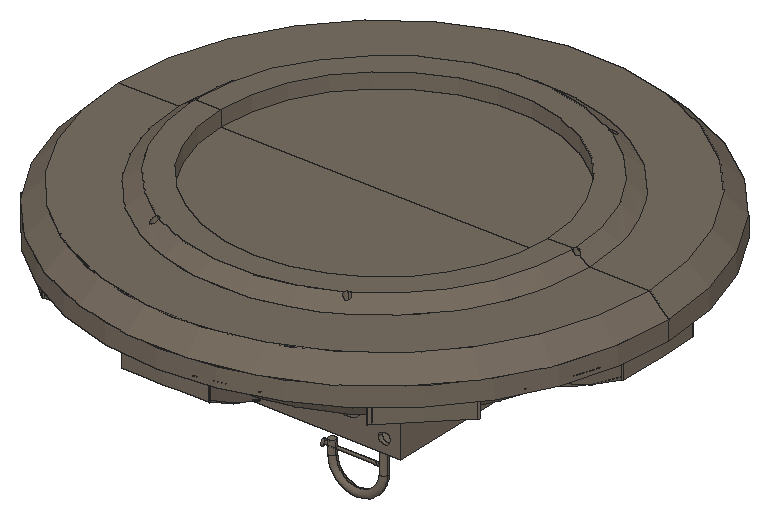
Revit family "MLB", category Lighting Fixtures, host Face, Revit 2020 (continued)
Definition of nested family "MLB BASE FAMILY"
  Automatic sketch dimensions
    plane 6 to Extrusion 23 sketch curve = 0' - 0.33428"
    Extrusion 23 sketch curve to plane 8 = 0' - 0.00569"
    Extrusion 23 sketch curve to Extrusion 23 sketch curve = 0' - 0.01388"  (x2)
    plane 6 to Extrusion 23 sketch curve = 0' - 1.7827"
    Extrusion 23 sketch curve to Extrusion 23 sketch curve = 0' - 0.04455"
    Extrusion 23 sketch curve to plane 9 = 0' - 0.07742"
    Extrusion 23 sketch curve to plane 9 = 0' - 0.2101"
    Extrusion 23 sketch curve to Extrusion 23 sketch curve = 0' - 0.73509"
    Extrusion 23 sketch curve to plane 9 = 0' - 0.13322"
    Extrusion 23 sketch curve to Extrusion 23 sketch curve = 0' - 0.22033"
    plane 8 to Extrusion 23 sketch curve = 0' - 2.10811"
    Extrusion 23 sketch curve to Extrusion 23 sketch curve = 0' - 0.09127"
    plane 8 to Extrusion 23 sketch curve = 0' - 2.17056"
    Extrusion 23 sketch curve to Extrusion 23 sketch curve = 0' - 0.04704"
    plane 8 to Extrusion 23 sketch curve = 0' - 1.68041"
    Extrusion 23 sketch curve to Extrusion 23 sketch curve = 0' - 0.6161"
    plane 8 to Extrusion 23 sketch curve = 0' - 1.74459"
    Extrusion 24 sketch curve to Extrusion 24 sketch curve = 0' - 0"  (x2)
    plane 6 to Extrusion 24 sketch curve = 0' - 3.47824"
    plane 8 to Extrusion 24 sketch curve = 0' - 5.17275"
    Extrusion 24 sketch curve to Extrusion 24 sketch curve = 0' - 0.01388"  (x2)
    Extrusion 24 sketch curve to Extrusion 24 sketch curve = 0' - 1.43454"
    Extrusion 24 sketch curve to Extrusion 24 sketch curve = 0' - 0.04455"  (x2)
    Extrusion 24 sketch curve to Extrusion 24 sketch curve = 0' - 2.33176"
    Extrusion 24 sketch curve to Extrusion 24 sketch curve = 0' - 0.0109"
    Extrusion 24 sketch curve to Extrusion 24 sketch curve = 0' - 0.73509"
    Extrusion 24 sketch curve to Extrusion 24 sketch curve = 0' - 0.22033"
    Extrusion 24 sketch curve to Extrusion 24 sketch curve = 0' - 0.09127"
    Extrusion 24 sketch curve to Extrusion 24 sketch curve = 0' - 0.04704"
    Extrusion 24 sketch curve to Extrusion 24 sketch curve = 0' - 0.6161"
    Extrusion 24 sketch curve to Extrusion 24 sketch curve = 0' - 0.07688"
    Extrusion 24 sketch curve to Extrusion 24 sketch curve = 0' - 1.08748"
    Extrusion 24 sketch curve to Extrusion 24 sketch curve = 0' - 1.01896"
    Extrusion 24 sketch curve to Extrusion 24 sketch curve = 0' - 0.06418"
    Extrusion 24 sketch curve to Extrusion 24 sketch curve = 0' - 0.4277"
    Extrusion 24 sketch curve to Extrusion 24 sketch curve = 0' - 0.06245"
    Extrusion 25 sketch curve to Extrusion 25 sketch curve = 0' - 0"  (x2)
    Extrusion 25 sketch curve to plane 3 "Center (Left/Right)" = 0' - 1.16742"
    plane 8 to Extrusion 25 sketch curve = 0' - 6.66572"
    Extrusion 25 sketch curve to plane 3 "Center (Left/Right)" = 0' - 1.24431"
    Extrusion 25 sketch curve to Extrusion 25 sketch curve = 0' - 0.01388"  (x2)
    Extrusion 25 sketch curve to Extrusion 25 sketch curve = 0' - 1.43454"
    plane 5 to Extrusion 25 sketch curve = 0' - 3.47824"
    Extrusion 25 sketch curve to Extrusion 25 sketch curve = 0' - 0.04455"  (x2)
    Extrusion 25 sketch curve to plane 3 "Center (Left/Right)" = 0' - 0.74655"
    Extrusion 25 sketch curve to plane 3 "Center (Left/Right)" = 0' - 0.82397"
    Extrusion 25 sketch curve to plane 3 "Center (Left/Right)" = 0' - 0.61387"
    Extrusion 25 sketch curve to Extrusion 25 sketch curve = 0' - 0.73509"
    Extrusion 25 sketch curve to plane 3 "Center (Left/Right)" = 0' - 0.69075"
    Extrusion 25 sketch curve to Extrusion 25 sketch curve = 0' - 0.22033"
    Extrusion 25 sketch curve to Extrusion 25 sketch curve = 0' - 0.09127"
    Extrusion 25 sketch curve to Extrusion 25 sketch curve = 0' - 0.04704"
    Extrusion 25 sketch curve to Extrusion 25 sketch curve = 0' - 0.6161"
    Extrusion 25 sketch curve to Extrusion 25 sketch curve = 0' - 0.06418"
    Extrusion 25 sketch curve to Extrusion 25 sketch curve = 0' - 0.42597"
    Revolve 26 sketch curve to plane 3 "Center (Left/Right)" = 0' - 0"
    Revolve 26 sketch curve to plane 3 "Center (Left/Right)" = 0' - 1 25/64"
    plane 5 to Revolve 26 sketch curve = 0' - 2.60244"
    plane 5 to Revolve 26 sketch curve = 0' - 0.10244"
    level to Revolve 26 sketch curve = 0' - 1.32717"
    Revolve 26 sketch curve to Revolve 26 sketch curve = 0' - 1.01344"
    Revolve 26 sketch curve to Revolve 26 sketch curve = 0' - 2.31503"
    level to Revolve 26 sketch curve = 0' - 0.32717"
    Revolve 26 sketch curve to Revolve 26 sketch curve = 0' - 1"
    Revolve 27 sketch curve to plane 3 "Center (Left/Right)" = 0' - 0"
    Revolve 27 sketch curve to plane 3 "Center (Left/Right)" = 0' - 0.17689"
    plane 5 to Revolve 27 sketch curve = 0' - 2.66324"
    plane 5 to Revolve 27 sketch curve = 0' - 0.22567"
    Revolve 27 sketch curve to plane 5 = 0' - 0.39774"
    level to Revolve 27 sketch curve = 0' - 1.59061"
    Revolve 27 sketch curve to Revolve 27 sketch curve = 0' - 0 3/4"
    Revolve 27 sketch curve to Revolve 27 sketch curve = 0' - 1.96882"
    level to Revolve 27 sketch curve = 0' - 1.3237"
    level to Revolve 27 sketch curve = 0' - 0.59061"
    Revolve 28 sketch curve to plane 3 "Center (Left/Right)" = 0' - 0"  (x2)
    Revolve 28 sketch curve to plane 4 = 0' - 0"
    Revolve 28 sketch curve to plane 3 "Center (Left/Right)" = 0' - 0.09816"
    Revolve 28 sketch curve to plane 3 "Center (Left/Right)" = 0' - 0.67368"
    Revolve 28 sketch curve to Revolve 28 sketch curve = 0' - 0.26935"
    Revolve 28 sketch curve to Revolve 28 sketch curve = 0' - 0.40597"
    Revolve 28 sketch curve to Revolve 28 sketch curve = 0' - 0.24006"
    Revolve 28 sketch curve to Revolve 28 sketch curve = 0' - 0.05391"
    Revolve 28 sketch curve to plane 4 = 0' - 0.67326"
    Revolve 28 sketch curve to Revolve 28 sketch curve = 0' - 0.09799"
    Revolve 28 sketch curve to Revolve 28 sketch curve = 0' - 0.15774"
    Revolve 28 sketch curve to Revolve 28 sketch curve = 0' - 0.10872"
    Revolve 28 sketch curve to Revolve 28 sketch curve = 0' - 0.06028"
    Revolve 28 sketch curve to Revolve 28 sketch curve = 0' - 0.31804"
    Revolve 28 sketch curve to Revolve 28 sketch curve = 0' - 0.4186"
    Revolve 28 sketch curve to Revolve 28 sketch curve = 0' - 0 3/4"
    Revolve 29 sketch curve to plane 3 "Center (Left/Right)" = 0' - 1.2732"
    Revolve 29 sketch curve to Revolve 29 sketch curve = 0' - 0.08468"
    Revolve 29 sketch curve to Revolve 29 sketch curve = 0' - 0"  (x3)
    Revolve 29 sketch curve to Revolve 29 sketch curve = 0' - 0.03705"
    Revolve 29 sketch curve to plane 4 = 0' - 0.69212"
    Revolve 29 sketch curve to Revolve 29 sketch curve = 0' - 0.01886"
    Revolve 29 sketch curve to Revolve 29 sketch curve = 0' - 0.07273"
    Revolve 29 sketch curve to Revolve 29 sketch curve = 0' - 0.03199"
    Revolve 29 sketch curve to Revolve 29 sketch curve = 0' - 0.03483"
    plane 3 "Center (Left/Right)" to Revolve 30 sketch curve = 0' - 1.2732"
    Revolve 30 sketch curve to Revolve 30 sketch curve = 0' - 0.08468"
    Revolve 30 sketch curve to Revolve 30 sketch curve = 0' - 0"  (x3)
    Revolve 30 sketch curve to Revolve 30 sketch curve = 0' - 0.03705"
    Revolve 30 sketch curve to plane 4 = 0' - 0.54231"
    Revolve 30 sketch curve to Revolve 30 sketch curve = 0' - 0.02623"
    Revolve 30 sketch curve to Revolve 30 sketch curve = 0' - 0.05822"
    Revolve 30 sketch curve to Revolve 30 sketch curve = 0' - 0.01886"
    Revolve 30 sketch curve to Revolve 30 sketch curve = 0' - 0.03483"
    Revolve 31 sketch curve to plane 3 "Center (Left/Right)" = 0' - 1.2732"
    Revolve 31 sketch curve to Revolve 31 sketch curve = 0' - 0.08468"
    Revolve 31 sketch curve to Revolve 31 sketch curve = 0' - 0"  (x3)
    Revolve 31 sketch curve to Revolve 31 sketch curve = 0' - 0.03705"
    Revolve 31 sketch curve to plane 4 = 0' - 0.54231"
    Revolve 31 sketch curve to Revolve 31 sketch curve = 0' - 0.02623"
    Revolve 31 sketch curve to Revolve 31 sketch curve = 0' - 0.05822"
    Revolve 31 sketch curve to Revolve 31 sketch curve = 0' - 0.01886"
    Revolve 31 sketch curve to Revolve 31 sketch curve = 0' - 0.03483"
    plane 3 "Center (Left/Right)" to Revolve 32 sketch curve = 0' - 1.2732"
    Revolve 32 sketch curve to Revolve 32 sketch curve = 0' - 0.08468"
    Revolve 32 sketch curve to Revolve 32 sketch curve = 0' - 0"  (x3)
    Revolve 32 sketch curve to Revolve 32 sketch curve = 0' - 0.03705"
    Revolve 32 sketch curve to plane 4 = 0' - 0.69212"
    Revolve 32 sketch curve to Revolve 32 sketch curve = 0' - 0.01886"
    Revolve 32 sketch curve to Revolve 32 sketch curve = 0' - 0.07273"
    Revolve 32 sketch curve to Revolve 32 sketch curve = 0' - 0.03199"
    Revolve 32 sketch curve to Revolve 32 sketch curve = 0' - 0.03483"
    Extrusion 33 sketch curve to plane 7 = 0' - 1.16438"
    Extrusion 33 sketch curve to plane 3 "Center (Left/Right)" = 0' - 2.41438"
    Extrusion 33 sketch curve to Extrusion 33 sketch curve = 0' - 0 15/128"  (x4)
    plane 8 to Extrusion 33 sketch curve = 0' - 1.0472"
    plane 3 "Center (Left/Right)" to Extrusion 33 sketch curve = 0' - 2.2972"
    level to Extrusion 34 sketch curve = 0' - 0.37388"
    plane 3 "Center (Left/Right)" to Extrusion 34 sketch curve = 0' - 1.94104"
    Extrusion 36 sketch curve to plane 3 "Center (Left/Right)" = 0' - 0"
    Extrusion 36 sketch curve to plane 3 "Center (Left/Right)" = 0' - 0.05992"
    Extrusion 36 sketch curve to Extrusion 36 sketch curve = 0' - 0.14625"
    Extrusion 36 sketch curve to plane 3 "Center (Left/Right)" = 0' - 0 37/128"
    Extrusion 36 sketch curve to Extrusion 36 sketch curve = 0' - 0.27202"
    Extrusion 36 sketch curve to Extrusion 36 sketch curve = 0' - 0.2637"
    level to Extrusion 36 sketch curve = 0' - 1.65182"
    Extrusion 36 sketch curve to Extrusion 36 sketch curve = 0' - 0.07837"
    Extrusion 36 sketch curve to Extrusion 36 sketch curve = 0' - 0.14464"
    Extrusion 36 sketch curve to Extrusion 36 sketch curve = 0' - 0.47779"
    Revolve 37 sketch curve to plane 7 = 0' - 1.22589"
    Revolve 37 sketch curve to Revolve 37 sketch curve = 0' - 0.06151"
    Revolve 37 sketch curve to Revolve 37 sketch curve = 0' - 0.08818"
    Revolve 37 sketch curve to Revolve 37 sketch curve = 0' - 0.02901"
    level to Revolve 37 sketch curve = 0' - 1.75427"
    Revolve 37 sketch curve to Revolve 37 sketch curve = 0' - 0.02082"  (x2)
    Revolve 37 sketch curve to Revolve 37 sketch curve = 0' - 0.04145"
    Revolve 37 sketch curve to Revolve 37 sketch curve = 0' - 0.06034"
    Revolve 37 sketch curve to Revolve 37 sketch curve = 0' - 0.04823"
    Extrusion 38 sketch curve to plane 3 "Center (Left/Right)" = 0' - 1.60051"
    Extrusion 38 sketch curve to Extrusion 38 sketch curve = 0' - 0.22202"
    Extrusion 38 sketch curve to Extrusion 38 sketch curve = 0' - 0.19874"
    level to Extrusion 38 sketch curve = 0' - 1.03091"
    Extrusion 38 sketch curve to Extrusion 38 sketch curve = 0' - 0.11727"
    Extrusion 38 sketch curve to Extrusion 38 sketch curve = 0' - 0.1886"
    Extrusion 39 sketch curve to plane 3 "Center (Left/Right)" = 0' - 1.16301"
    Extrusion 39 sketch curve to Extrusion 39 sketch curve = 0' - 0.22202"
    Extrusion 39 sketch curve to Extrusion 39 sketch curve = 0' - 0.19874"
    Extrusion 39 sketch curve to level = 0' - 1.03091"
    Extrusion 39 sketch curve to Extrusion 39 sketch curve = 0' - 0.11727"
    Extrusion 39 sketch curve to Extrusion 39 sketch curve = 0' - 0.1886"
    radius of Extrusion 34 sketch curve = 0' - 0.17339"
    radius of Extrusion 38 sketch curve = 0' - 0 1/2"
    radius of Extrusion 39 sketch curve = 0' - 0 1/2"
    radius of Extrusion 40 sketch curve = 0' - 0 1/4"
    radius of Extrusion 41 sketch curve = 0' - 0 1/4"
    radius of Extrusion 42 sketch curve = 0' - 0 1/4"
    radius of Extrusion 43 sketch curve = 0' - 0 1/4"
    radius of Extrusion 44 sketch curve = 0' - 0.10457"
    radius of Extrusion 45 sketch curve = 0' - 0.10457"
    radius of Extrusion 46 sketch curve = 0' - 0.10457"
    radius of Extrusion 47 sketch curve = 0' - 0.10457"
    radius of Extrusion 48 sketch curve = 0' - 0.10457"
    radius of Extrusion 49 sketch curve = 0' - 0.10457"
Definition of nested family "MLB PENDANT MOUNT"
  Parameters (values of type "MLB PENDANT MOUNT")
    Pendent Mount [instance] = yes
    Pendant Rod Length [instance] = 4' - 0"
    Default Elevation = 0' - 0"
    Body Material [instance] = none
  Reference planes (in)
    plane 1 "Center (Front/Back)": y = 0
    plane 2: z = 0
    plane 3 "Center (Left/Right)": x = 0
    plane 4: z = 48
  Forms (in)
    Revolve 1, solid, material <- "Body Material", visible <- "Pendent Mount"
      sketch origin (0, 0, 0) x (1, 0, 0) y (0, 0, 1)
        loop
          line (0, 0) -> (0, 48) -> (-0.89954, 48) -> (-0.89954, 47.96066)
          arc (-0.89954, 47.96066) -> (-0.87875, 47.91046) -> (-0.82855, 47.88967) r 0.07099
          line (-0.82855, 47.88967) -> (-0.64063, 47.88967) -> (-0.64063, 0.98491) -> (-0.89882, 0.98491) -> (-0.89882, 0.5) -> (-4.09955, 0.5)
          arc (-4.09955, 0.5) -> (-4.38271, 0.38271) -> (-4.5, 0.09955) r 0.40045
          line (-4.5, 0.09955) -> (-4.5, 0) -> (0, 0)
        axis (0, 0) -> (0, 48)
      angle from 0 to 360
  Dimensions and locks (in)
    "Pendant Rod Length": plane 4 to plane 2
    locked: Revolve 1 sketch curve to Revolve 1 sketch curve at 0.64063
    locked: Revolve 1 sketch curve to Revolve 1 sketch curve at 0.11033
    locked: Revolve 1 sketch curve to Revolve 1 sketch curve at 0.89882
    locked: Revolve 1 sketch curve to Revolve 1 sketch curve at 0.5
    locked: Revolve 1 sketch curve to Revolve 1 sketch curve at 0.98491
    aligned and locked: plane 2 to level
    aligned and locked: plane 2 to Revolve 1 sketch curve
    aligned and locked: Revolve 1 sketch curve to plane 3 "Center (Left/Right)"
    aligned and locked: Revolve 1 sketch curve to plane 4
    aligned and locked: plane 3 "Center (Left/Right)" to Revolve 1 sketch curve
  Automatic sketch dimensions
    Revolve 1 sketch curve to plane 4 = 0' - 0.03934"
    Revolve 1 sketch curve to Revolve 1 sketch curve = 0' - 0.25891"
    level to Revolve 1 sketch curve = 0' - 0.09955"
    Revolve 1 sketch curve to Revolve 1 sketch curve = 0' - 3.20073"
    Revolve 1 sketch curve to level = 0' - 0 1/2"
    Revolve 1 sketch curve to Revolve 1 sketch curve = 0' - 0 1/2"
Types (14): name | Wattage | WATTS | built-in parameter 1150134 | Replaces/Equiv.(MH) | Photometric Web File | Pendent Rod Length_1 | Pendant Rod Length_2 | Order number | Model | MOUNTING OPTIION | built-in parameter 1150105 | Lumens | built-in parameter 1150107 | built-in parameter 1150106 | Hook Mount
  (no name) | 87.5174 W | 100 W | 2 | "250-400W" | "MLB100501(L).ies" | 0' - 3" | 0' - 3" | "12649" | "MLB100501" | 1 | 1034.5 (stored number, unit not read) | 13000 lm | 5000 (stored number, unit not read) | 10.345 (stored number, unit not read) | yes
  MLB35501 | 30.6311 W | 35 W | 2 | "100-150 W" | "MLB35501(L).ies" | 2' - 0" | 2' - 0" | "11739" | "MLB35501" | 0 | 362.08 (stored number, unit not read) | 4550 lm | 5000 (stored number, unit not read) | 3.6208 (stored number, unit not read) | no
  MLB35401 | 30.6311 W | 35 W | 12 | "100-150 W" | "MLB35401(G).IES" | 2' - 0" | 2' - 0" | "11740" | "MLB35401" | 0 | 362.08 (stored number, unit not read) | 4550 lm | 4000 (stored number, unit not read) | 3.6208 (stored number, unit not read) | no
  MLB35301 | 30.6311 W | 35 W | (empty or 0) | "100-150 W" | "MLB35301(L).ies" | 2' - 0" | 2' - 0" | "11741" | "MLB35301" | 0 | 362.08 (stored number, unit not read) | 4550 lm | 3000 (stored number, unit not read) | 3.6208 (stored number, unit not read) | no
  MLB50501 | 43.7587 W | 50 W | 2 | "150-175W" | "MLB50501(G).IES" | 2' - 0" | 2' - 0" | "11757" | "MLB50501" | 0 | 517.25 (stored number, unit not read) | 6500 lm | 5000 (stored number, unit not read) | 5.1725 (stored number, unit not read) | no
  MLB50401 | 43.7587 W | 50 W | 12 | "150-175W" | "MLB50401(G).IES" | 2' - 0" | 2' - 0" | "11758" | "MLB50401" | 0 | 517.25 (stored number, unit not read) | 6500 lm | 4000 (stored number, unit not read) | 5.1725 (stored number, unit not read) | no
  MLB50301 | 43.7587 W | 50 W | (empty or 0) | "150-175W" | "MLB50301(L).ies" | 2' - 0" | 2' - 0" | "11759" | "MLB50301" | 0 | 517.25 (stored number, unit not read) | 6500 lm | 3000 (stored number, unit not read) | 5.1725 (stored number, unit not read) | no
  MLB75501 | 65.638 W | 75 W | 2 | "175-250 W" | "MLB75501(G).IES" | 2' - 0" | 2' - 0" | "11775" | "MLB75501" | 0 | 775.88 (stored number, unit not read) | 9750 lm | 5000 (stored number, unit not read) | 7.7588 (stored number, unit not read) | no
  MLB75401 | 65.638 W | 75 W | 12 | "175-250 W" | "MLB75401(G).IES" | 2' - 0" | 2' - 0" | "11776" | "MLB75401" | 0 | 775.88 (stored number, unit not read) | 9750 lm | 4000 (stored number, unit not read) | 7.7588 (stored number, unit not read) | no
  MLB75301 | 65.638 W | 75 W | (empty or 0) | "175-250 W" | "MLB75301(L).ies" | 2' - 0" | 2' - 0" | "11777" | "MLB75301" | 0 | 775.88 (stored number, unit not read) | 9750 lm | 3000 (stored number, unit not read) | 7.7588 (stored number, unit not read) | no
  MLB100501 | 87.5174 W | 100 W | 2 | "250-400W" | "MLB100501(L).ies" | 0' - 3" | 0' - 3" | "12649" | "MLB100501" | 1 | 1034.5 (stored number, unit not read) | 13000 lm | 5000 (stored number, unit not read) | 10.345 (stored number, unit not read) | yes
  MLB100401 | 87.5174 W | 100 W | 12 | "250-400W" | "MLB100401(L).ies" | 2' - 0" | 2' - 0" | "12650" | "MLB100401" | 0 | 1034.5 (stored number, unit not read) | 13000 lm | 4000 (stored number, unit not read) | 10.345 (stored number, unit not read) | no
  MLB100301 | 87.5174 W | 100 W | (empty or 0) | "250-400W" | "MLB100301(L).ies" | 2' - 0" | 2' - 0" | "12651" | "MLB100301" | 0 | 1034.5 (stored number, unit not read) | 13000 lm | 3000 (stored number, unit not read) | 10.345 (stored number, unit not read) | no
  MLB135401 | 117.812 W | 135 W | 12 | "400 W" | "generic" | 0' - 3" | 0' - 3" | "14332" | "MLB135401" | 1 | 1392.6 (stored number, unit not read) | 17500 lm | 4000 (stored number, unit not read) | 13.926 (stored number, unit not read) | yes
